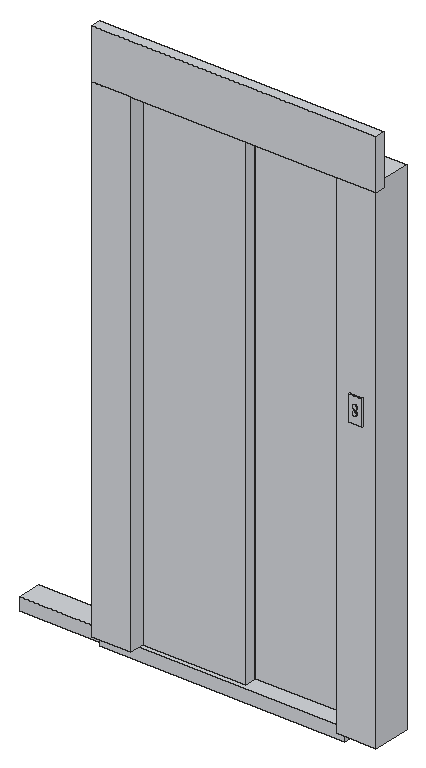
Revit family "Porta do elevador", category Equipamento especial, Revit 2019
Family settings
  Hospedeiro = Parede
  Cota do conector redondo = Utilizar diâmetro
  Tipo de parte = Normal
  Sempre na vertical = Sim
  Corte com vazios quando carregada = Não
  Compartilhado = Sim
  Ponto de cálculo do ambiente = Não
Parameters (values of type "Porta do elevador")
  W1 = 0.5 * Largura da abertura da porta - 75 mm  # 475 mm
  Keynote = ""
  Material da moldura = none
  Largura da abertura da porta = 1100 mm
  Altura da abertura da porta = 2125 mm
  Material da porta = none
  Descrição = "Porta do elevador"
  Material do painel de controle = none
Reference planes
  plane 1: y = 0
  plane 2 "Centro (Esquerda/Direita)": x = 125
  plane 3 "Parte posterior": y = 75
  plane 4: z = 0
  plane 5: x = -425
  plane 6: x = 675
  plane 7: z = 2125
  plane 8: x = -275
  plane 9: x = 525
  plane 10: y = 185
  plane 11: y = 95
  plane 12: y = 35
  plane 13: z = 1960
  plane 14: x = -750
  plane 15: z = -48
  plane 16: y = 165
  plane 17: y = 115
  plane 18: z = 1100
  plane 19: z = 1930
  plane 20: x = 600
Forms (mm)
  Extrusion 1, solid, material <- "Material da moldura", detail levels coarse
    sketch origin (0, 0, 0) x (1, 0, 0) y (0, 1, 0)
      loop
        line (525, 185) -> (525, 35) -> (675, 35) -> (675, 185) -> (525, 185)
      loop
        line (-425, 95) -> (-425, 35) -> (-275, 35) -> (-275, 95) -> (-425, 95)
    from 0 to 1960
  Extrusion 2, solid, material <- "Material da moldura", detail levels coarse
    sketch origin (0, 75, 0) x (1, 0, 0) y (0, 0, 1)
      loop
        line (675, 2125) -> (-425, 2125) -> (-425, 1930) -> (675, 1930) -> (675, 2125)
    from 0 to 40
  Extrusion 3, solid, material <- "Material da porta"
    sketch origin (675, 185, 4000) x (1, 0, 0) y (0, 0, 1)
      loop
        line (-150, -2040) -> (-550, -2040) -> (-550, -4000) -> (-150, -4000) -> (-150, -2040)
    from 0 to 40
  Extrusion 4, solid, material <- "Material da porta"
    sketch origin (-750, 95, 4000) x (-1, 0, 0) y (0, 0, 1)
      loop
        line (-875, -2040) -> (-875, -4000) -> (-475, -4000) -> (-475, -2040) -> (-875, -2040)
    from 0 to 40
  Extrusion 5, solid, material <- "Material da moldura", detail levels medium+fine
    sketch origin (0, 0, 0) x (1, 0, 0) y (0, 1, 0)
      loop
        line (-750, 185) -> (-750, 95) -> (-425, 95) -> (-425, 75) -> (525, 75) -> (525, 185) -> (-750, 185)
    from -48 to 0
  Extrusion 6, solid, material <- "Material da moldura", detail levels medium+fine
    sketch origin (0, 0, 0) x (1, 0, 0) y (0, 1, 0)
      loop
        line (525, 185) -> (525, 35) -> (675, 35) -> (675, 185) -> (525, 185)
      loop
        line (-425, 95) -> (-425, 35) -> (-275, 35) -> (-275, 95) -> (-425, 95)
    from 0 to 1960
  Extrusion 7, solid, material <- "Material da moldura", detail levels medium+fine
    sketch origin (0, 75, 0) x (1, 0, 0) y (0, 0, 1)
      loop
        line (675, 2125) -> (-425, 2125) -> (-425, 1930) -> (675, 1930) -> (675, 2125)
    from 0 to 40
  Extrusion 8, void
    sketch origin (0, 0, 0) x (1, 0, 0) y (0, 1, 0)
      loop
        line (-425, 75) -> (-425, 35) -> (-275, 35) -> (-275, 75) -> (-425, 75)
      loop
        line (525, 75) -> (525, 35) -> (675, 35) -> (675, 75) -> (525, 75)
    from 1930 to 1960
Cuts and joins
  Extrusion 8 cuts Extrusion 1
  joined: Extrusion 1, Extrusion 2
  Extrusion 8 cuts Extrusion 6
Lines and regions (mm)
  Opening 1
    outline origin (-5000, -75, 0) x (1, 0, 0) y (0, 0, 1)
      loop
        line (5675, 2125) -> (4575, 2125) -> (4575, 0) -> (5675, 0) -> (5675, 2125)
  Masking region 1, detail levels medium+fine
    outline origin (0, 0, 0) x (1, 0, 0) y (0, 1, 0)
      loop
        line (-750, 185) -> (-750, 95) -> (-425, 95) -> (-425, 35) -> (-275, 35) -> (-275, 75) -> (525, 75) -> (525, 35) -> (675, 35) -> (675, 185) -> (-750, 185)
  Masking region 2, detail levels coarse
    outline origin (0, 0, 0) x (1, 0, 0) y (0, 1, 0)
      loop
        line (-425, 75) -> (-425, -75) -> (675, -75) -> (675, 75) -> (-425, 75)
  symbolic lines, style "Elevador", detail levels medium+fine
    curve 1: line (-275, 135, 0) -> (125, 135, 0)
    curve 2: line (125, 135, 0) -> (125, 95, 0)
    curve 3: line (-275, 95, 0) -> (125, 95, 0)
    curve 4: line (-275, 95, 0) -> (-275, 135, 0)
    curve 5: line (125, 145, 0) -> (525, 145, 0)
    curve 6: line (525, 185, 0) -> (125, 185, 0)
    curve 7: line (125, 185, 0) -> (125, 145, 0)
    curve 8: line (525, 185, 0) -> (675, 185, 0)
    curve 9: line (675, 185, 0) -> (675, 35, 0)
    curve 10: line (675, 35, 0) -> (525, 35, 0)
    curve 11: line (525, 35, 0) -> (525, 185, 0)
    curve 12: line (-275, 95, 0) -> (-425, 95, 0)
    curve 13: line (-425, 95, 0) -> (-425, 35, 0)
    curve 14: line (-425, 35, 0) -> (-275, 35, 0)
    curve 15: line (-275, 35, 0) -> (-275, 95, 0)
    curve 18: line (125, 185, 0) -> (-750, 185, 0)
    curve 19: line (-750, 185, 0) -> (-750, 95, 0)
    curve 20: line (-750, 95, 0) -> (-425, 95, 0)
    curve 21: line (-275, 75, 0) -> (525, 75, 0)
    curve 22: line (125, 95, 0) -> (525, 95, 0)
  symbolic lines, style "Elevador", detail levels fine
    curve 16: line (125, 165, 0) -> (-750, 165, 0)
    curve 17: line (-275, 115, 0) -> (-750, 115, 0)
  symbolic lines, style "Elevador", detail levels coarse
    curve 23: line (-425, 75, 0) -> (675, 75, 0)
    curve 24: line (675, -75, 0) -> (-425, -75, 0)
    curve 25: line (-425, 75, 0) -> (-425, -75, 0)
    curve 26: line (675, 75, 0) -> (675, -75, 0)
Text (mm)
  text "Lado da colocação" at (-2597.77, 916.262, 0), in view "Nível de referência"
  text "Lado da colocação" at (0, 1605.175, 2923.955), in view "Esquerda"
  text "Lado da colocação" at (0, 595.982, 3004.978), in view "Direita"
Dimensions and locks
  locked: plane 3 "Parte posterior" to host wall at 0
  locked: plane 4 to level
  equal spacing: plane 5, plane 2 "Centro (Esquerda/Direita)", plane 6
  "Largura da abertura da porta": plane 5 to plane 6
  "Altura da abertura da porta": plane 4 to plane 7
  locked: plane 3 "Parte posterior" to plane 10 at 110
  locked: plane 3 "Parte posterior" to plane 11 at 20
  locked: plane 12 to plane 3 "Parte posterior" at 40
  equal spacing: plane 8, plane 2 "Centro (Esquerda/Direita)", plane 9
  "W1": plane 14 to plane 8
  locked: plane 4 to plane 15 at 48
  locked: plane 16 to plane 10 at 20
  locked: plane 17 to plane 11 at 20
  locked: plane 18 to plane 4 at 1100
  locked: Extrusion 3 to plane 10 at 40
  locked: Extrusion 4 to plane 11 at 40
  locked: plane 5 to plane 8 at 150
  locked: plane 13 to plane 19 at 30
  equal spacing: plane 6, plane 20, plane 9
  locked: plane 7 to plane 13 at 165
  aligned and locked: plane 1 to host wall
  aligned and locked: Opening 1 sketch curve to level
  aligned and locked: Opening 1 sketch curve to plane 5
  aligned and locked: plane 7 to Opening 1 sketch curve
  aligned and locked: Opening 1 sketch curve to plane 6
  aligned and locked: Extrusion 1 sketch curve to plane 11
  aligned and locked: plane 8 to Extrusion 1 sketch curve
  aligned and locked: plane 12 to Extrusion 1 sketch curve  (x2)
  aligned and locked: plane 5 to Extrusion 1 sketch curve
  aligned and locked: plane 10 to Extrusion 1 sketch curve
  aligned and locked: Extrusion 1 sketch curve to plane 6
  aligned and locked: plane 9 to Extrusion 1 sketch curve
  aligned and locked: Extrusion 2 sketch curve to host wall
  aligned and locked: host wall to Extrusion 2 sketch curve
  aligned and locked: Extrusion 2 sketch curve to Extrusion 1
  aligned and locked: plane 13 to Extrusion 3 sketch curve
  aligned and locked: plane 9 to Extrusion 3 sketch curve
  aligned and locked: Extrusion 3 sketch curve to level
  aligned and locked: Extrusion 3 sketch curve to plane 2 "Centro (Esquerda/Direita)"
  aligned and locked: Extrusion 3 to plane 10
  aligned and locked: Extrusion 3 to Extrusion 4 sketch curve
  aligned and locked: Extrusion 4 sketch curve to Extrusion 3
  aligned and locked: cut or joined group of Extrusion 1, Extrusion 2, Extrusion 8 to Extrusion 4 sketch curve
  aligned and locked: Extrusion 4 sketch curve to cut or joined group of Extrusion 1, Extrusion 2, Extrusion 8
  aligned and locked: plane 9 to Extrusion 5 sketch curve
  aligned and locked: plane 4 to Extrusion 5
  aligned and locked: Extrusion 5 to plane 15
  aligned and locked: plane 14 to Masking region 1 sketch curve
  aligned and locked: Masking region 1 sketch curve to plane 10
  aligned and locked: plane 6 to Masking region 1 sketch curve
  aligned and locked: Masking region 1 sketch curve to plane 11
  aligned and locked: Masking region 1 sketch curve to plane 5
  aligned and locked: Masking region 1 sketch curve to plane 12
  aligned and locked: Masking region 1 sketch curve to plane 8
  aligned and locked: plane 3 "Parte posterior" to Masking region 1 sketch curve
  aligned and locked: Masking region 1 sketch curve to plane 9
  aligned and locked: plane 14 to curve 19
  aligned and locked: curve 20 to plane 11
  aligned and locked: curve 3 to plane 11
  aligned and locked: curve 22 to plane 11
  aligned and locked: curve 18 to plane 10
  aligned and locked: plane 10 to curve 8
  aligned and locked: curve 13 to plane 5
  aligned and locked: curve 15 to plane 8
  aligned and locked: curve 2 to plane 2 "Centro (Esquerda/Direita)"
  aligned and locked: curve 7 to plane 2 "Centro (Esquerda/Direita)"
  aligned and locked: plane 9 to curve 11
  aligned and locked: curve 9 to plane 6
  aligned and locked: curve 4 to plane 8
  aligned and locked: curve 14 to plane 12
  aligned and locked: plane 3 "Parte posterior" to curve 21
  aligned and locked: plane 16 to curve 16
  aligned and locked: plane 17 to curve 17
  aligned and locked: plane 12 to curve 10
  aligned and locked: plane 3 "Parte posterior" to curve 23
  aligned and locked: curve 24 to host wall
  aligned and locked: Masking region 2 sketch curve to host wall  (x2)
  aligned and locked: Masking region 2 sketch curve to curve 24
  aligned and locked: Extrusion 6 sketch curve to Extrusion 5
  aligned and locked: Extrusion 6 sketch curve to curve 11
  aligned and locked: Extrusion 6 sketch curve to curve 9
  aligned and locked: curve 20 to Extrusion 6 sketch curve
  aligned and locked: Extrusion 6 sketch curve to curve 13
  aligned and locked: Extrusion 6 sketch curve to curve 14
  aligned and locked: Extrusion 6 sketch curve to curve 15
  aligned and locked: Extrusion 7 sketch curve to host wall
  aligned and locked: host wall to Extrusion 7 sketch curve
  aligned and locked: nested 1 to plane 18
  aligned and locked: plane 13 to Extrusion 6
  aligned and locked: plane 13 to Extrusion 1
  aligned and locked: Extrusion 7 to plane 19
  aligned and locked: Extrusion 2 to plane 19
  aligned and locked: Extrusion 8 sketch curve to cut or joined group of Extrusion 1, Extrusion 2, Extrusion 8  (x3)
  aligned and locked: Extrusion 8 sketch curve to host wall
  aligned and locked: Extrusion 8 sketch curve to curve 14
  aligned and locked: Extrusion 8 sketch curve to curve 15
  aligned and locked: Extrusion 5 to Extrusion 8 sketch curve
  aligned and locked: curve 9 to Extrusion 8 sketch curve
  aligned and locked: Extrusion 8 to Extrusion 1
  aligned and locked: Extrusion 8 to Extrusion 2
  aligned and locked: plane 20 to nested 1
  aligned and locked: curve 13 to curve 25
  aligned and locked: curve 9 to curve 26
Automatic sketch dimensions
  plane 10 to Extrusion 5 sketch curve = 0 mm
  Extrusion 5 sketch curve to plane 14 = 0 mm
  Extrusion 5 sketch curve to host wall = 0 mm
  Extrusion 5 sketch curve to plane 5 = 0 mm
  Extrusion 5 sketch curve to plane 11 = 0 mm
  Masking region 1 sketch curve to plane 12 = 0 mm
  Extrusion 6 sketch curve to plane 12 = 0 mm
  Extrusion 7 sketch curve to plane 13 = 30 mm
  Masking region 2 sketch curve to host wall = 0 mm
  Extrusion 7 sketch curve to plane 5 = 0 mm
  Extrusion 2 sketch curve to plane 13 = 30 mm
  plane 17 to curve 2 = 20 mm
  curve 5 to plane 16 = 20 mm
Nested families
  nested 1: "Painel de controle" at (600, 35, 1150) x (1, 0, 0) z (0, -1, 0), type "Painel de controle", detail levels fine
Definition of nested family "Painel de controle"
  Parameters
    Material do painel = none
    Default Elevation = 1219.2 mm
    Assembly Code = ""
  Reference planes
    plane 1 "Centro (Frente/Trás)": y = 0
    plane 2: z = 0
    plane 3 "Centro (Esquerda/Direita)": x = 0
  Forms (mm)
    Extrusion 1, solid
      sketch origin (0, 0, 0) x (1, 0, 0) y (0, 1, 0)
        loop
          line (-1219.2, 1219.2) -> (-1219.2, -1219.2) -> (1219.2, -1219.2) -> (1219.2, 1219.2) -> (-1219.2, 1219.2)
      from 0 to -304.8
    Extrusion 2, solid, material <- "Material do painel"
      sketch origin (0, 0, 0) x (1, 0, 0) y (0, 1, 0)
        loop
          line (-25, 50) -> (-25, -50) -> (25, -50) -> (25, 50) -> (-25, 50)
      from 0 to 5
    Extrusion 3, solid, material <- "Material do painel"
      sketch origin (0, 0, 0) x (1, 0, 0) y (0, 1, 0)
        loop
          circle (0, 11.32) r 8.23
      from 0 to 6
    Extrusion 4, solid, material <- "Material do painel"
      sketch origin (0, 0, 0) x (1, 0, 0) y (0, 1, 0)
        loop
          circle (0, -11.32) r 8.23
      from 0 to 6
  Dimensions and locks
    aligned and locked: plane 2 to Extrusion 1
    aligned and locked: level to Extrusion 1
